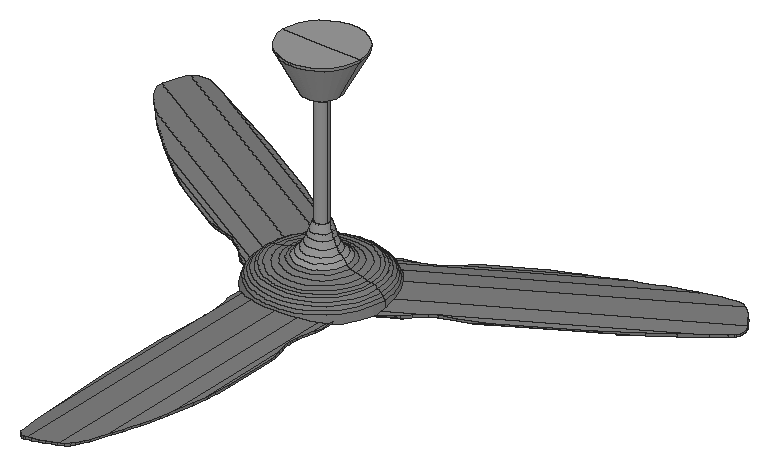
Revit family "Haiku-L Series-52-X3-12", category Generic Models, Revit 2015
Reference planes (in)
  plane 1 "Center (Front/Back)": y = 0
  plane 2: z = 0
  plane 3 "Center (Left/Right)": x = 0
  plane 4: y = -36
Forms (in)
  Revolve 1, solid, not visible
    sketch origin (0, 0, 0) x (1, 0, 0) y (0, 0, 1)
      loop
        line (-0.57203, -5.94949) -> (-0.75989, -6.52766) -> (-0.88726, -6.91966) -> (-1.09857, -7.37282) -> (-1.34682, -7.7701) -> (-1.63576, -8.05904) -> (-1.90663, -8.32991) -> (-2.18875, -8.4928) -> (-2.59757, -8.64159) -> (-3.07449, -8.7517) -> (-3.52877, -8.84) -> (-3.81921, -8.90706) -> (-4.02857, -9.00468) -> (-4.28105, -9.18147) -> (-4.45783, -9.35825) -> (-4.65491, -9.55533) -> (-4.77991, -9.77183) -> (-4.97057, -10.32555) -> (-4.54315, -10.47272) -> (-4.14061, -10.58058) -> (-3.65933, -10.70954) -> (-2.92572, -10.86547) -> (-2.89912, -11.01633) -> (-2.61183, -11.0774) -> (-2.50917, -11.13667) -> (-1.72883, -11.22681) -> (-0.96291, -11.28268) -> (0, -11.32358) -> (0, -5.94949) -> (-0.57203, -5.94949)
      axis (0, -5.94949) -> (0, -11.32358)
    angle from 0 to 360
  Revolve 2, solid
    sketch origin (0, 0, -0.00064) x (1, 0, 0) y (0, 0, 1)
      loop
        line (-0.57203, -5.94949) -> (-0.75989, -6.52766) -> (-0.88726, -6.91966) -> (-1.09857, -7.37282) -> (-1.34682, -7.7701) -> (-1.63576, -8.05904) -> (-1.90663, -8.32991) -> (-2.18875, -8.4928) -> (-2.59757, -8.64159) -> (-3.07449, -8.7517) -> (-3.52877, -8.84) -> (-3.81921, -8.90706) -> (-4.02857, -9.00468) -> (-4.28105, -9.18147) -> (-4.45783, -9.35825) -> (-4.65491, -9.55533) -> (-4.77991, -9.77183) -> (-4.97057, -10.32555) -> (-4.54315, -10.47272) -> (-4.14061, -10.58058) -> (-3.65933, -10.70954) -> (-2.92572, -10.86547) -> (-2.89912, -11.01633) -> (-2.61183, -11.0774) -> (-2.50917, -11.13667) -> (-1.72883, -11.22681) -> (-0.96291, -11.28268) -> (0, -11.32358) -> (0, -5.94949) -> (-0.57203, -5.94949)
      axis (0, -5.94949) -> (0, -11.32358)
    angle from 0 to 360
  Extrusion 3, solid, not visible
    sketch origin (0, 0, 0) x (1, 0, 0) y (0, 0, 1)
      loop
        line (-3.14313, -10.4738) -> (-2.57277, -10.29942) -> (-1.54643, -10.15518) -> (-0.66602, -10.07816) -> (0.13019, -10.05035) -> (0.90523, -10.07742) -> (1.78712, -10.13908) -> (3.26866, -10.37374) -> (3.42624, -10.37374) -> (3.49814, -10.3134) -> (3.51329, -10.21775) -> (3.29281, -10.21775) -> (2.91988, -10.17931) -> (1.81446, -10.00423) -> (0.33677, -9.9009) -> (-1.71612, -10.00849) -> (-2.89597, -10.21653) -> (-3.25765, -10.31344) -> (-3.2312, -10.41213) -> (-3.14313, -10.4738)
    from 3 to 27
  Extrusion 4, void, not visible
    sketch origin (0, 0, 0) x (1, 0, 0) y (0, 1, 0)
      loop
        line (-3.25765, -3.75424) -> (-5.34383, -3.75424) -> (-5.34383, -27.56158) -> (5.34383, -27.56158) -> (5.34383, -3.56158) -> (3.51329, -3.56158) -> (3.51329, -4.35631) -> (3.37547, -4.83694) -> (3.21389, -5.40046) -> (3.13102, -5.82677) -> (3.09053, -6.212) -> (3.06194, -6.35908) -> (3.06194, -6.66675) -> (3.06194, -6.91675) -> (3.08373, -7.1658) -> (3.15904, -7.55324) -> (3.21245, -7.82799) -> (3.3566, -8.29949) -> (3.452, -8.7903) -> (3.51329, -9.29809) -> (3.55805, -9.93819) -> (3.59933, -10.52843) -> (3.59933, -11.2215) -> (3.59933, -11.76216) -> (3.56875, -12.34556) -> (3.54016, -12.89106) -> (3.40107, -14.4809) -> (3.35163, -15.04602) -> (3.18135, -16.25759) -> (2.86027, -18.28485) -> (2.74178, -18.84226) -> (2.57614, -19.62158) -> (2.4274, -20.32133) -> (2.25919, -20.996) -> (2.1153, -21.57307) -> (1.89378, -22.34562) -> (1.60884, -23.22259) -> (1.40753, -23.84214) -> (1.25137, -24.24895) -> (1.14547, -24.52483) -> (1.01183, -24.75631) -> (0.84942, -24.98825) -> (0.60732, -25.23036) -> (0.23563, -25.46261) -> (-0.10698, -25.60103) -> (-0.5007, -25.71393) -> (-0.91265, -25.80149) -> (-1.4275, -25.87385) -> (-1.86243, -25.90426) -> (-2.04243, -25.88852) -> (-2.21139, -25.84324) -> (-2.39285, -25.71618) -> (-2.50563, -25.6034) -> (-2.64778, -25.37593) -> (-2.68285, -25.25361) -> (-2.71019, -24.86254) -> (-2.82384, -23.78125) -> (-2.96191, -21.80684) -> (-3.09101, -19.96061) -> (-3.25765, -16.83791) -> (-3.35502, -14.04942) -> (-3.35502, -11.98738) -> (-3.20873, -10.31528) -> (-3.05621, -8.57193) -> (-2.89597, -7.43175) -> (-2.89597, -6.80508) -> (-3.04367, -5.87253) -> (-3.18921, -5.1878) -> (-3.25765, -4.86584) -> (-3.25765, -3.75424)
    from -12 to -6
  Extrusion 5, solid
    sketch origin (0, 0, 0) x (-0.5, -0.866025, 0) y (0, 0, 1)
      loop
        line (-3.14313, -10.4738) -> (-2.57277, -10.29942) -> (-1.54643, -10.15518) -> (-0.66602, -10.07816) -> (0.13019, -10.05035) -> (0.90523, -10.07742) -> (1.78712, -10.13908) -> (3.26866, -10.37374) -> (3.42624, -10.37374) -> (3.49814, -10.3134) -> (3.51329, -10.21775) -> (3.29281, -10.21775) -> (2.91988, -10.17931) -> (1.81446, -10.00423) -> (0.33677, -9.9009) -> (-1.71612, -10.00849) -> (-2.89597, -10.21653) -> (-3.25765, -10.31344) -> (-3.2312, -10.41213) -> (-3.14313, -10.4738)
    from 3 to 27
  Extrusion 6, void
    sketch origin (0, 0, 0) x (-0.5, -0.866025, 0) y (0.866025, -0.5, 0)
      loop
        line (-3.25765, -3.75424) -> (-5.34383, -3.75424) -> (-5.34383, -27.56158) -> (5.34383, -27.56158) -> (5.34383, -3.56158) -> (3.51329, -3.56158) -> (3.51329, -4.35631) -> (3.37547, -4.83694) -> (3.21389, -5.40046) -> (3.13102, -5.82677) -> (3.09053, -6.212) -> (3.06194, -6.35908) -> (3.06194, -6.66675) -> (3.06194, -6.91675) -> (3.08373, -7.1658) -> (3.15904, -7.55324) -> (3.21245, -7.82799) -> (3.3566, -8.29949) -> (3.452, -8.7903) -> (3.51329, -9.29809) -> (3.55805, -9.93819) -> (3.59933, -10.52843) -> (3.59933, -11.2215) -> (3.59933, -11.76216) -> (3.56875, -12.34556) -> (3.54016, -12.89106) -> (3.40107, -14.4809) -> (3.35163, -15.04602) -> (3.18135, -16.25759) -> (2.86027, -18.28485) -> (2.74178, -18.84226) -> (2.57614, -19.62158) -> (2.4274, -20.32133) -> (2.25919, -20.996) -> (2.1153, -21.57307) -> (1.89378, -22.34562) -> (1.60884, -23.22259) -> (1.40753, -23.84214) -> (1.25137, -24.24895) -> (1.14547, -24.52483) -> (1.01183, -24.75631) -> (0.84942, -24.98825) -> (0.60732, -25.23036) -> (0.23563, -25.46261) -> (-0.10698, -25.60103) -> (-0.5007, -25.71393) -> (-0.91265, -25.80149) -> (-1.4275, -25.87385) -> (-1.86243, -25.90426) -> (-2.04243, -25.88852) -> (-2.21139, -25.84324) -> (-2.39285, -25.71618) -> (-2.50563, -25.6034) -> (-2.64778, -25.37593) -> (-2.68285, -25.25361) -> (-2.71019, -24.86254) -> (-2.82384, -23.78125) -> (-2.96191, -21.80684) -> (-3.09101, -19.96061) -> (-3.25765, -16.83791) -> (-3.35502, -14.04942) -> (-3.35502, -11.98738) -> (-3.20873, -10.31528) -> (-3.05621, -8.57193) -> (-2.89597, -7.43175) -> (-2.89597, -6.80508) -> (-3.04367, -5.87253) -> (-3.18921, -5.1878) -> (-3.25765, -4.86584) -> (-3.25765, -3.75424)
    from -12 to -6
  Extrusion 7, solid
    sketch origin (0, 0, 0) x (-0.5, 0.866025, 0) y (0, 0, 1)
      loop
        line (-3.14313, -10.4738) -> (-2.57277, -10.29942) -> (-1.54643, -10.15518) -> (-0.66602, -10.07816) -> (0.13019, -10.05035) -> (0.90523, -10.07742) -> (1.78712, -10.13908) -> (3.26866, -10.37374) -> (3.42624, -10.37374) -> (3.49814, -10.3134) -> (3.51329, -10.21775) -> (3.29281, -10.21775) -> (2.91988, -10.17931) -> (1.81446, -10.00423) -> (0.33677, -9.9009) -> (-1.71612, -10.00849) -> (-2.89597, -10.21653) -> (-3.25765, -10.31344) -> (-3.2312, -10.41213) -> (-3.14313, -10.4738)
    from 3 to 27
  Extrusion 8, void
    sketch origin (0, 0, 0) x (-0.5, 0.866025, 0) y (-0.866025, -0.5, 0)
      loop
        line (-3.25765, -3.75424) -> (-5.34383, -3.75424) -> (-5.34383, -27.56158) -> (5.34383, -27.56158) -> (5.34383, -3.56158) -> (3.51329, -3.56158) -> (3.51329, -4.35631) -> (3.37547, -4.83694) -> (3.21389, -5.40046) -> (3.13102, -5.82677) -> (3.09053, -6.212) -> (3.06194, -6.35908) -> (3.06194, -6.66675) -> (3.06194, -6.91675) -> (3.08373, -7.1658) -> (3.15904, -7.55324) -> (3.21245, -7.82799) -> (3.3566, -8.29949) -> (3.452, -8.7903) -> (3.51329, -9.29809) -> (3.55805, -9.93819) -> (3.59933, -10.52843) -> (3.59933, -11.2215) -> (3.59933, -11.76216) -> (3.56875, -12.34556) -> (3.54016, -12.89106) -> (3.40107, -14.4809) -> (3.35163, -15.04602) -> (3.18135, -16.25759) -> (2.86027, -18.28485) -> (2.74178, -18.84226) -> (2.57614, -19.62158) -> (2.4274, -20.32133) -> (2.25919, -20.996) -> (2.1153, -21.57307) -> (1.89378, -22.34562) -> (1.60884, -23.22259) -> (1.40753, -23.84214) -> (1.25137, -24.24895) -> (1.14547, -24.52483) -> (1.01183, -24.75631) -> (0.84942, -24.98825) -> (0.60732, -25.23036) -> (0.23563, -25.46261) -> (-0.10698, -25.60103) -> (-0.5007, -25.71393) -> (-0.91265, -25.80149) -> (-1.4275, -25.87385) -> (-1.86243, -25.90426) -> (-2.04243, -25.88852) -> (-2.21139, -25.84324) -> (-2.39285, -25.71618) -> (-2.50563, -25.6034) -> (-2.64778, -25.37593) -> (-2.68285, -25.25361) -> (-2.71019, -24.86254) -> (-2.82384, -23.78125) -> (-2.96191, -21.80684) -> (-3.09101, -19.96061) -> (-3.25765, -16.83791) -> (-3.35502, -14.04942) -> (-3.35502, -11.98738) -> (-3.20873, -10.31528) -> (-3.05621, -8.57193) -> (-2.89597, -7.43175) -> (-2.89597, -6.80508) -> (-3.04367, -5.87253) -> (-3.18921, -5.1878) -> (-3.25765, -4.86584) -> (-3.25765, -3.75424)
    from -12 to -6
  Revolve 9, solid
    sketch origin (0, 0, -35.97394) x (1, 0, 0) y (0, 0, 1)
      loop
        line (0, 41.99936) -> (-2.95276, 41.99936) -> (-2.91496, 41.78503) -> (-1.36379, 38.86771) -> (-1.22478, 38.78745) -> (-0.47478, 38.78745) -> (-0.47478, 30.02381) -> (0, 30.02381) -> (0, 41.99936)
      axis (0, 41.99936) -> (0, 30.02381)
    angle from 0 to 360
  Revolve 10, solid, not visible
    sketch origin (0, 0, 0) x (1, 0, 0) y (0, 0, 1)
      loop
        line (0, 41.99936) -> (-2.95276, 41.99936) -> (-2.91496, 41.78503) -> (-1.36379, 38.86771) -> (-1.22478, 38.78745) -> (-0.47478, 38.78745) -> (-0.47478, 30.02381) -> (0, 30.02381) -> (0, 41.99936)
      axis (0, 41.99936) -> (0, 30.02381)
    angle from 0 to 360
  Extrusion 11, solid
    sketch origin (0, 0, 0) x (1, 0, 0) y (0, 0, 1)
      loop
        line (-3.14313, -10.4738) -> (-2.57277, -10.29942) -> (-1.54643, -10.15518) -> (-0.66602, -10.07816) -> (0.13019, -10.05035) -> (0.90523, -10.07742) -> (1.78712, -10.13908) -> (3.26866, -10.37374) -> (3.42624, -10.37374) -> (3.49814, -10.3134) -> (3.51329, -10.21775) -> (3.29281, -10.21775) -> (2.91988, -10.17931) -> (1.81446, -10.00423) -> (0.33677, -9.9009) -> (-1.71612, -10.00849) -> (-2.89597, -10.21653) -> (-3.25765, -10.31344) -> (-3.2312, -10.41213) -> (-3.14313, -10.4738)
    from 3 to 27
  Extrusion 12, void
    sketch origin (0, 0, 0) x (1, 0, 0) y (0, 1, 0)
      loop
        line (-3.25765, -3.75424) -> (-5.34383, -3.75424) -> (-5.34383, -27.56158) -> (5.34383, -27.56158) -> (5.34383, -3.56158) -> (3.51329, -3.56158) -> (3.51329, -4.35631) -> (3.37547, -4.83694) -> (3.21389, -5.40046) -> (3.13102, -5.82677) -> (3.09053, -6.212) -> (3.06194, -6.35908) -> (3.06194, -6.66675) -> (3.06194, -6.91675) -> (3.08373, -7.1658) -> (3.15904, -7.55324) -> (3.21245, -7.82799) -> (3.3566, -8.29949) -> (3.452, -8.7903) -> (3.51329, -9.29809) -> (3.55805, -9.93819) -> (3.59933, -10.52843) -> (3.59933, -11.2215) -> (3.59933, -11.76216) -> (3.56875, -12.34556) -> (3.54016, -12.89106) -> (3.40107, -14.4809) -> (3.35163, -15.04602) -> (3.18135, -16.25759) -> (2.86027, -18.28485) -> (2.74178, -18.84226) -> (2.57614, -19.62158) -> (2.4274, -20.32133) -> (2.25919, -20.996) -> (2.1153, -21.57307) -> (1.89378, -22.34562) -> (1.60884, -23.22259) -> (1.40753, -23.84214) -> (1.25137, -24.24895) -> (1.14547, -24.52483) -> (1.01183, -24.75631) -> (0.84942, -24.98825) -> (0.60732, -25.23036) -> (0.23563, -25.46261) -> (-0.10698, -25.60103) -> (-0.5007, -25.71393) -> (-0.91265, -25.80149) -> (-1.4275, -25.87385) -> (-1.86243, -25.90426) -> (-2.04243, -25.88852) -> (-2.21139, -25.84324) -> (-2.39285, -25.71618) -> (-2.50563, -25.6034) -> (-2.64778, -25.37593) -> (-2.68285, -25.25361) -> (-2.71019, -24.86254) -> (-2.82384, -23.78125) -> (-2.96191, -21.80684) -> (-3.09101, -19.96061) -> (-3.25765, -16.83791) -> (-3.35502, -14.04942) -> (-3.35502, -11.98738) -> (-3.20873, -10.31528) -> (-3.05621, -8.57193) -> (-2.89597, -7.43175) -> (-2.89597, -6.80508) -> (-3.04367, -5.87253) -> (-3.18921, -5.1878) -> (-3.25765, -4.86584) -> (-3.25765, -3.75424)
    from -12 to -6
Cuts and joins
  Extrusion 6 cuts Extrusion 5
  Extrusion 8 cuts Extrusion 7
  Extrusion 12 cuts Extrusion 11
Lines and regions (in)
  model lines
    curve 1: line (-3.15339, 0, -10.46661) -> (-3.2312, 0, -10.41213)
    curve 2: line (-3.2312, 0, -10.41213) -> (-3.24647, 0, -10.32555)
    curve 3: line (-3.24647, 0, -10.32555) -> (-2.8816, 0, -10.214)
    curve 4: line (-2.8816, 0, -10.214) -> (-2.46526, 0, -10.14058)
    curve 5: line (-2.46526, 0, -10.14058) -> (-1.71612, 0, -10.00849)
    curve 6: line (-1.71612, 0, -10.00849) -> (-1.96454, 0, -10.03022)
    curve 7: line (-1.96454, 0, -10.03022) -> (0.34242, 0, -9.90932)
    curve 8: line (0.34242, 0, -9.90932) -> (0.44374, 0, -9.90932)
    curve 9: line (0.44374, 0, -9.90932) -> (1.15669, 0, -9.94669)
    curve 10: line (1.15669, 0, -9.94669) -> (1.91978, 0, -10.01345)
    curve 11: line (1.91978, 0, -10.01345) -> (2.92299, 0, -10.17234)
    curve 12: line (2.92299, 0, -10.17234) -> (3.29281, 0, -10.21775)
    curve 13: line (3.29281, 0, -10.21775) -> (3.51329, 0, -10.21775)
    curve 14: line (3.51329, 0, -10.21775) -> (3.49814, 0, -10.3134)
    curve 15: line (3.49814, 0, -10.3134) -> (3.42624, 0, -10.37374)
    curve 16: line (3.42624, 0, -10.37374) -> (3.26866, 0, -10.37374)
    curve 17: line (3.26866, 0, -10.37374) -> (3.03636, 0, -10.34521)
    curve 18: line (3.03636, 0, -10.34521) -> (1.81129, 0, -10.15118)
    curve 19: line (1.81129, 0, -10.15118) -> (0.91245, 0, -10.08833)
    curve 20: line (0.91245, 0, -10.08833) -> (0.11259, 0, -10.0604)
    curve 21: line (0.11259, 0, -10.0604) -> (-0.68284, 0, -10.08817)
    curve 22: line (-0.68284, 0, -10.08817) -> (-1.59592, 0, -10.16806)
    curve 23: line (-1.59592, 0, -10.16806) -> (-2.26749, 0, -10.26244)
    curve 24: line (-2.26749, 0, -10.26244) -> (-2.59726, 0, -10.30879)
    curve 25: line (-2.59726, 0, -10.30879) -> (-2.92016, 0, -10.39531)
    curve 26: line (-2.92016, 0, -10.39531) -> (-3.15339, 0, -10.46661)
Dimensions and locks (in)
  aligned and locked: plane 2 to level
